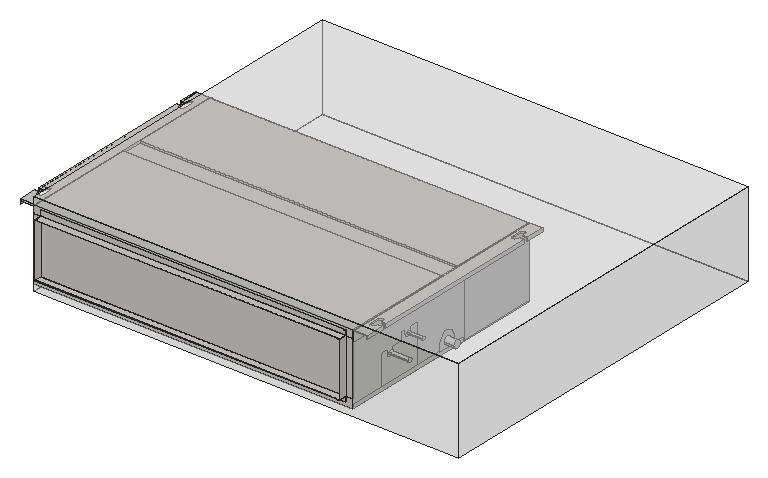
Revit family "outputfile", category 機械設備, Revit 2024
Family settings
  丸型コネクタ寸法 = 半径を使用
  パーツ タイプ = 標準
  OmniClass 番号 = 23.75.10.24.21.27.27
  OmniClass タイトル = Split System Air Conditioning Units
  作業面ベース = いいえ
  常に垂直 = はい
  ロード時にボイドで切り取り = いいえ
  注釈の向きを維持 = いいえ
  共有 = いいえ
  部屋計算ポイント = はい
Parameters (values of type "CDKS35CVMA")
  Description = ""
  書き出し IFC クラス(タイプ) = "IfcUnitaryEquipmentType"
  定義済み IFC タイプ(タイプ) = "AIRCONDITIONINGUNIT"
  Cost = 0
  Type Comments = ""
  Keynote = ""
  Type Image = (empty or 0)
  Assembly Code = ""
  switch_frequency = yes
  ld_powersupply = Depth / 2  # 310.0 mm
  製造元 = "Daikin"
  モデル = "CDKS35CVMA"
  r_Liquid Pipe Size = Liquid Pipe Size / 2  # 3.2 mm
  r_Gas Pipe Size = Gas Pipe Size / 2  # 4.75 mm
  r_Drain Pipe Size = Drain Pipe Size / 2  # 10.0 mm
  lw_powersupply = 50.0 mm  # constant formula
  lw_ductflange2 = 820.0 mm
  lw_Width = 860.0 mm
  lh_suctionflange [instance] = 100.0 mm  # constant formula
  ld_suctionflange [instance] = if(Rear Connection_Return Air, 190.0 mm, 100.0 mm)  # 190.0 mm
  connector_voltage = Voltage_50Hz  # 230 V
  connector_powerinput = [Power Input (Cooling)]  # 0.000 kW
  connector_phase = Phase_50Hz  # 1
  angle_vertical_RA [instance] = if(Rear Connection_Return Air, 90.00°, 0.00°)  # 90.00°
  angle horizontal_RA [instance] = if(Rear Connection_Return Air, 180.00°, 270.00°)  # 180.00°
  Voltage_comment_50Hz = "220 - 240"
  Voltage_50Hz = 230 V
  URL = ""
  Supply Air Direction [instance] = yes
  Sound Power Level_H speed (dB) = 0
  Rear Connection_Return Air [instance] = not(Bottom Connection_Return Air)  # yes
  RA_length [instance] = if(Rear Connection_Return Air, 190.0 mm, 100.0 mm)  # 190.0 mm
  Phase_50Hz = 1
  Minimum External Static Pressure = 0.00 Pa
  Minimum Circuit Amps_50Hz = 0.0 A
  Maximum Fuse Amps_50Hz = 0.0 A
  Maximum External Static Pressure = 40.00 Pa
  Material_Casing = DAIKIN_GalvanizedSteel_Casing_indoorunit
  lw_liquidpipe = 46.0 mm  # constant formula
  lw_gaspipe = 57.0 mm  # constant formula
  lw_mountinghole = 940.0 mm
  lw_drainpipe = 30.0 mm  # constant formula
  lh_powersupply = 150.0 mm  # constant formula
  lh_liquidpipe = 90.0 mm  # constant formula
  lh_gaspipe = 113.0 mm  # constant formula
  lh_mountinghole = Height  # 200.0 mm
  lh_drainpipe = 170.0 mm  # constant formula
  lh_antena = 1.0 mm  # constant formula
  ld_liquidpipe = 193.0 mm  # constant formula
  ld_gaspipe = 130.0 mm  # constant formula
  ld_mountinghole = 500.0 mm  # constant formula
  ld_drainpipe = 330.0 mm  # constant formula
  ld_controlbox = 626.0 mm  # constant formula
  h*** = 0.0 mm  # constant formula
  d_dischargeflange = 21.2 mm  # constant formula
  Width = 900.0 mm
  Version = "ver.1.0"
  Unit Type = "Duct (L.S.P)"
  Unit Mass Weight = 25.00 kg
  Unit Designation [instance] = ""
  Uniclass2015Version = "Products v1.30"
  Uniclass2015Title = "Split coil room air conditioning units"
  Uniclass2015Code = "Pr_70_65_03_86"
  Total Cooling Capacity [instance] = 0.000 kW
  Sound Pressure Level_M speed (dBA) = 33
  Sound Pressure Level_L speed (dBA) = 31
  Sound Pressure Level_H speed (dBA) = 35
  Series = "Multi Split_Fan Coil Unit"
  Sensible Cooling Capacity [instance] = 0.000 kW
  SA Duct Size Width = 860.0 mm
  SA Duct Size Height = 153.0 mm
  Refrigerant Type = "R410A"
  RA Duct Size Width = 780.0 mm
  RA Duct Size Height = 160.0 mm
  Power Input (Cooling) = 0.000 kW
  Option Accessory 3 [instance] = ""
  Option Accessory 2 [instance] = ""
  Option Accessory 1 [instance] = ""
  Nominal Cooling Capacity = 3.500 kW
  Minimum Airflow = 510.00 m³/h
  Median Airflow = 558.00 m³/h
  Maximum Airflow = 600.00 m³/h
  Load Classification = HVAC
  Liquid Pipe Size = 6.4 mm
  Link_Nested Family [instance] = ""
  IfcVersion = ""
  IfcExportType = "AIRCONDITIONINGUNIT"
  IfcExportAs = "IfcUnitaryEquipmentType"
  Height = 200.0 mm
  Heat Exchanger Type = "Cross Fin Coil"
  Gas Pipe Size = 9.5 mm
  Frequency_50Hz = 50 Hz
  Fan Type = "Sirocco Fan"
  Fan Drive = "Direct Drive"
  FCU Tag No. [instance] = ""
  Drain Pipe Size = 20.0 mm
  Design Supply Airflow [instance] = 0.00 m³/h
  Design Return Airflow [instance] = 0.00 m³/h
  Design External Static Pressure [instance] = 0.00 Pa
  Depth = 620.0 mm
  既定の高さ = 0.0 mm
  Cooling Entering Wet Bulb Temperature [instance] = 0.00 °C
  Cooling Entering Dry Bulb Temperature [instance] = 0.00 °C
  Cooling Ambient Wet Bulb Temperature [instance] = 0.00 °C
  Cooling Ambient Dry Bulb Temperature [instance] = 0.00 °C
  Clearance visibility [instance] = yes
  Clearance Top = 20.0 mm
  Clearance Right = 300.0 mm
  Clearance Rear = 400.0 mm
  Clearance Left = 0.0 mm
  Clearance Front = 0.0 mm
  Clearance Bottom = 20.0 mm
  Bottom Connection_Return Air [instance] = no
Reference planes
  plane 1 "Center (Front/Back)": y = 0
  plane 2: z = 0
  plane 3 "Center (Left/Right)": x = 0
  plane 4 "Back": y = 310
  plane 5 "Front": y = -310
  plane 6 "Left": x = -450
  plane 7 "Right": x = 450
  plane 8 "Top": z = 0
  plane 9 "Bottom": z = -200
  plane 10: x = -470
  plane 11: x = 470
  plane 12: y = 250
  plane 13: z = 0
  plane 14 "Clearance Left": x = -450
  plane 15 "Clearance Right": x = 750
  plane 16 "Clearance Rear": y = 710
  plane 17 "Clearance Front": y = -310
  plane 18 "Clearance Top": z = 20
  plane 19 "Clearance Bottom": z = -220
  plane 20: y = -250
  plane 21: z = -21
  plane 22: z = -97.5
  plane 23: x = -40
  plane 24: y = 120
  plane 25: z = -100
  plane 26: y = -180
  plane 27: z = -113
  plane 28: y = -117
  plane 29: z = -90
  plane 30: y = 20
  plane 31: z = -170
  plane 32: x = 507
  plane 33: x = 496
  plane 34: x = 480
  plane 35: x = 400
  plane 36: z = -150
Forms (mm)
  Extrusion 1, solid, material "DAIKIN_GalvanizedSteel_Casing_indoorunit" <- "Material_Casing"
    sketch origin (0, 0, 0) x (1, 0, 0) y (0, 1, 0)
      loop
        line (-450, -310) -> (450, -310) -> (450, 310) -> (-450, 310) -> (-450, -310)
    from -200 to 0
  Extrusion 2, void
    sketch origin (0, 0, 1) x (1, 0, 0) y (0, 1, 0)
      loop
        line (-450, 61.5) -> (-450, 3.5) -> (450, 3.5) -> (450, 61.5) -> (-450, 61.5)
    from -1 to -7
  Extrusion 3, solid, material "DAIKIN_GalvanizedSteel_Casing_indoorunit" <- "Material_Casing", visible <- "Bottom Connection_Return Air"
    sketch origin (0, 0, 0) x (1, 0, 0) y (0, 0, 1)
      loop
        line (369, -200) -> (369, -1) -> (-449, -1) -> (-449, -200) -> (369, -200)
    from -310 to -309
  Extrusion 4, solid, material "DAIKIN_GalvanizedSteel_Casing_indoorunit" <- "Material_Casing", visible <- "Rear Connection_Return Air"
    sketch origin (0, 0, 0) x (1, 0, 0) y (0, 1, 0)
      loop
        line (-449, 310) -> (-449, 111) -> (369, 111) -> (369, 310) -> (-449, 310)
    from -200 to -199
  Extrusion 5, solid, material "DAIKIN_GalvanizedSteel_Casing_indoorunit" <- "Material_Casing"
    sketch origin (450, 0, 0) x (0, 1, 0) y (0, 0, 1)
      loop
        circle (-180, -113) r 4.75
    from 0 to 57
  Extrusion 6, solid, material "DAIKIN_GalvanizedSteel_Casing_indoorunit" <- "Material_Casing"
    sketch origin (450, 0, 0) x (0, 1, 0) y (0, 0, 1)
      loop
        circle (-117, -90) r 3.2
    from 0 to 46
  Extrusion 7, solid, material "DAIKIN_GalvanizedSteel_Casing_indoorunit" <- "Material_Casing"
    sketch origin (450, 0, 0) x (0, 1, 0) y (0, 0, 1)
      loop
        circle (20, -170) r 10
    from 0 to 30
  Extrusion 8, solid, material "DAIKIN_GalvanizedSteel_Casing_indoorunit" <- "Material_Casing"
    sketch origin (450, 0, 0) x (0, 1, 0) y (0, 0, 1)
      loop
        line (-310, -200) -> (78.6, -200) -> (78.6, -193)
        arc (78.6, -193) -> (77.721, -190.879) -> (75.6, -190) r 3
        line (75.6, -190) -> (-310, -190) -> (-310, -200)
    from 0 to -1
  Extrusion 9, solid, material "DAIKIN_GalvanizedSteel_Casing_indoorunit" <- "Material_Casing"
    sketch origin (450, 0, 0) x (0, 1, 0) y (0, 0, 1)
      loop
        line (-210, -190) -> (-85.6, -190) -> (-85.6, -83)
        arc (-85.6, -83) -> (-86.479, -80.879) -> (-88.6, -80) r 3
        line (-88.6, -80) -> (-102, -80)
        arc (-102, -80) -> (-104.121, -80.879) -> (-105, -83) r 3
        line (-105, -83) -> (-105, -90)
        arc (-105, -90) -> (-117, -102) -> (-129, -90) r 12
        line (-129, -90) -> (-129, -83)
        arc (-129, -83) -> (-129.879, -80.879) -> (-132, -80) r 3
        line (-132, -80) -> (-136.1, -80)
        arc (-136.1, -80) -> (-138.221, -80.879) -> (-139.1, -83) r 3
        line (-139.1, -83) -> (-139.1, -102.7) -> (-165, -102.7)
        arc (-165, -102.7) -> (-167.121, -103.579) -> (-168, -105.7) r 3
        line (-168, -105.7) -> (-168, -113)
        arc (-168, -113) -> (-180, -125) -> (-192, -113) r 12
        line (-192, -113) -> (-192, -105.7)
        arc (-192, -105.7) -> (-192.879, -103.579) -> (-195, -102.7) r 3
        line (-195, -102.7) -> (-207, -102.7)
        arc (-207, -102.7) -> (-209.121, -103.579) -> (-210, -105.7) r 3
        line (-210, -105.7) -> (-210, -190)
    from 0 to -1
  Extrusion 10, solid, material "DAIKIN_GalvanizedSteel_Casing_indoorunit" <- "Material_Casing"
    sketch origin (450, 0, 0) x (0, 1, 0) y (0, 0, 1)
      loop
        arc (44.5, -170) -> (20, -145.5) -> (-4.5, -170) r 24.5
        line (-4.5, -170) -> (-4.5, -190) -> (44.5, -190) -> (44.5, -170)
    from 0 to -1
  Extrusion 11, solid, material "DAIKIN_GalvanizedSteel_Casing_indoorunit" <- "Material_Casing"
    sketch origin (450, 0, 0) x (0, 1, 0) y (0, 0, 1)
      loop
        arc (86.6, -22) -> (84.479, -22.879) -> (83.6, -25) r 3
        line (83.6, -25) -> (83.6, -194.5)
        arc (83.6, -194.5) -> (84.479, -196.621) -> (86.6, -197.5) r 3
        line (86.6, -197.5) -> (307, -197.5)
        arc (307, -197.5) -> (309.121, -196.621) -> (310, -194.5) r 3
        line (310, -194.5) -> (310, -25)
        arc (310, -25) -> (309.121, -22.879) -> (307, -22) r 3
        line (307, -22) -> (86.6, -22)
    from 0 to -1
Cuts and joins
  Extrusion 2 cuts Extrusion 1
Dimensions and locks
  "Height": plane 8 "Top" to plane 9 "Bottom"
  equal spacing: plane 10, plane 3 "Center (Left/Right)", plane 11
  "lw_mountinghole": plane 10 to plane 11
  equal spacing: plane 6 "Left", plane 3 "Center (Left/Right)", plane 7 "Right"
  "Width": plane 6 "Left" to plane 7 "Right"
  "Clearance Right": plane 7 "Right" to plane 15 "Clearance Right"
  "Clearance Left": plane 14 "Clearance Left" to plane 6 "Left"
  "Clearance Rear": plane 16 "Clearance Rear" to plane 4 "Back"
  "Clearance Front": plane 5 "Front" to plane 17 "Clearance Front"
  "Clearance Top": plane 18 "Clearance Top" to plane 8 "Top"
  "Clearance Bottom": plane 9 "Bottom" to plane 19 "Clearance Bottom"
  "Depth": plane 4 "Back" to plane 5 "Front"
  equal spacing: plane 4 "Back", plane 1 "Center (Front/Back)", plane 5 "Front"
  Extrusion 3 sketch curve to Extrusion 3 sketch curve = 199.0 mm
  locked: plane 20 to plane 5 "Front" at 60
  "ld_mountinghole": plane 12 to plane 20
  locked: plane 8 "Top" to plane 21 at 21
  locked: plane 23 to plane 3 "Center (Left/Right)" at 40
  "ld_suctionflange": plane 4 "Back" to plane 24
  "lh_suctionflange": plane 8 "Top" to plane 25
  "ld_gaspipe": plane 26 to plane 5 "Front"
  "lh_gaspipe": plane 8 "Top" to plane 27
  "ld_liquidpipe": plane 28 to plane 5 "Front"
  "lh_liquidpipe": plane 8 "Top" to plane 29
  "ld_drainpipe": plane 30 to plane 5 "Front"
  "lh_drainpipe": plane 8 "Top" to plane 31
  "lw_gaspipe": plane 7 "Right" to plane 32
  "lw_liquidpipe": plane 7 "Right" to plane 33
  "lw_drainpipe": plane 7 "Right" to plane 34
  "lw_powersupply": plane 35 to plane 7 "Right"
  "lh_powersupply": plane 8 "Top" to plane 36
  "r_Gas Pipe Size": radius of Extrusion 5 sketch curve
  "r_Liquid Pipe Size": radius of Extrusion 6 sketch curve
  "r_Drain Pipe Size": radius of Extrusion 7 sketch curve
  aligned and locked: level to plane 2
  aligned and locked: Extrusion 1 to plane 9 "Bottom"
  aligned and locked: plane 8 "Top" to Extrusion 1
  aligned and locked: plane 11 to nested 2
  aligned and locked: plane 10 to nested 3
  aligned and locked: plane 10 to nested 4
  aligned and locked: plane 8 "Top" to Extrusion 2
  aligned and locked: plane 9 "Bottom" to Extrusion 4  (x2)
  aligned and locked: plane 7 "Right" to cut or joined group of Extrusion 1, Extrusion 2  (x2)
  aligned and locked: plane 3 "Center (Left/Right)" to nested 9
  aligned and locked: plane 6 "Left" to nested 7
  aligned and locked: plane 8 "Top" to nested 9
  aligned and locked: plane 11 to nested 1
  aligned and locked: nested 6 to plane 1 "Center (Front/Back)"
  aligned and locked: plane 3 "Center (Left/Right)" to nested 6
  aligned and locked: level to plane 8 "Top"
  aligned and locked: plane 1 "Center (Front/Back)" to nested 9
  aligned and locked: plane 5 "Front" to nested 10
  aligned and locked: Extrusion 1 sketch curve to plane 5 "Front"
  aligned and locked: plane 21 to nested 10
  aligned and locked: nested 5 to plane 5 "Front"
  aligned and locked: plane 3 "Center (Left/Right)" to nested 5
  aligned and locked: plane 22 to nested 5
  aligned and locked: Extrusion 2 sketch curve to plane 6 "Left"
  aligned and locked: plane 7 "Right" to Extrusion 2 sketch curve
  aligned and locked: nested 11 to plane 23
  aligned and locked: nested 11 to plane 24
  aligned and locked: plane 27 to Extrusion 5 sketch curve
  aligned and locked: plane 26 to Extrusion 5 sketch curve
  aligned and locked: plane 28 to Extrusion 6 sketch curve
  aligned and locked: plane 29 to Extrusion 6 sketch curve
  aligned and locked: plane 31 to Extrusion 7 sketch curve
  aligned and locked: plane 30 to Extrusion 7 sketch curve
  aligned and locked: plane 26 to nested 12
  aligned and locked: nested 12 to plane 27
  aligned and locked: plane 32 to Extrusion 5
  aligned and locked: plane 32 to nested 12
  aligned and locked: plane 33 to Extrusion 6
  aligned and locked: plane 28 to nested 13
  aligned and locked: nested 13 to plane 29
  aligned and locked: plane 33 to nested 13
  aligned and locked: plane 34 to Extrusion 7
  aligned and locked: plane 30 to nested 14
  aligned and locked: nested 14 to plane 31
  aligned and locked: plane 34 to nested 14
  aligned and locked: Extrusion 8 sketch curve to plane 9 "Bottom"
  aligned and locked: Extrusion 8 sketch curve to plane 5 "Front"
  aligned and locked: plane 14 "Clearance Left" to nested 15
  aligned and locked: plane 15 "Clearance Right" to nested 15
  aligned and locked: plane 16 "Clearance Rear" to nested 15
  aligned and locked: nested 15 to plane 17 "Clearance Front"
  aligned and locked: nested 15 to plane 18 "Clearance Top"
  aligned and locked: nested 15 to plane 19 "Clearance Bottom"
  aligned and locked: nested 16 to plane 35
  aligned and locked: nested 16 to plane 36
  aligned and locked: plane 4 "Back" to nested 16
Automatic sketch dimensions
  Extrusion 1 sketch curve to plane 4 "Back" = 0.0 mm
  Extrusion 1 sketch curve to plane 6 "Left" = 0.0 mm
  Extrusion 1 sketch curve to plane 7 "Right" = 0.0 mm
  Extrusion 4 sketch curve to plane 4 "Back" = 0.0 mm
  plane 6 "Left" to Extrusion 3 sketch curve = 1.0 mm
  plane 6 "Left" to Extrusion 4 sketch curve = 1.0 mm
  Extrusion 4 sketch curve to plane 1 "Center (Front/Back)" = 111.0 mm
  Extrusion 3 sketch curve to plane 9 "Bottom" = 0.0 mm
  Extrusion 3 sketch curve to plane 7 "Right" = 81.0 mm
  Extrusion 4 sketch curve to plane 7 "Right" = 81.0 mm
  Extrusion 2 sketch curve to plane 1 "Center (Front/Back)" = 3.5 mm
  Extrusion 2 sketch curve to Extrusion 2 sketch curve = 58.0 mm
  plane 9 "Bottom" to Extrusion 8 sketch curve = 7.0 mm
  Extrusion 8 sketch curve to plane 24 = 44.4 mm
  Extrusion 8 sketch curve to Extrusion 8 sketch curve = 3.0 mm
  Extrusion 9 sketch curve to plane 27 = 0.0 mm
  Extrusion 9 sketch curve to plane 26 = 0.0 mm
  Extrusion 9 sketch curve to plane 29 = 0.0 mm
  Extrusion 9 sketch curve to plane 28 = 0.0 mm
  Extrusion 9 sketch curve to plane 26 = 12.0 mm
  Extrusion 9 sketch curve to plane 25 = 2.7 mm  (x2)
  Extrusion 9 sketch curve to Extrusion 9 sketch curve = 3.0 mm  (x6)
  Extrusion 9 sketch curve to Extrusion 9 sketch curve = 12.0 mm
  plane 9 "Bottom" to Extrusion 9 sketch curve = 10.0 mm
  Extrusion 9 sketch curve to plane 26 = 30.0 mm
  Extrusion 9 sketch curve to plane 28 = 22.1 mm
  Extrusion 9 sketch curve to Extrusion 9 sketch curve = 4.1 mm
  plane 29 to Extrusion 9 sketch curve = 7.0 mm  (x2)
  Extrusion 9 sketch curve to Extrusion 9 sketch curve = 13.4 mm
  Extrusion 10 sketch curve to plane 30 = 0.0 mm
  Extrusion 10 sketch curve to plane 31 = 0.0 mm
  plane 1 "Center (Front/Back)" to Extrusion 10 sketch curve = 4.5 mm
  plane 9 "Bottom" to Extrusion 10 sketch curve = 10.0 mm
  Extrusion 11 sketch curve to plane 4 "Back" = 0.0 mm
  Extrusion 11 sketch curve to Extrusion 11 sketch curve = 3.0 mm  (x3)
  Extrusion 11 sketch curve to plane 21 = 1.0 mm
  Extrusion 11 sketch curve to plane 21 = 4.0 mm
  Extrusion 11 sketch curve to plane 24 = 33.4 mm
  plane 9 "Bottom" to Extrusion 11 sketch curve = 5.5 mm
Nested families
  nested 1: "daikin_mountinghole" at (470, 250, -200), l_antenna <- "lh_antena", Link_Nested Family <- "Link_Nested Family", h_mountinghole <- "lh_mountinghole", type "daikin_mountinghole"
    with show yes, l_antenna 1.0 mm, h_mountinghole 200.0 mm, Link_Nested Family ""
  nested 2: "daikin_mountinghole" at (470, -250, -200), Link_Nested Family <- "Link_Nested Family", l_antenna <- "lh_antena", h_mountinghole <- "lh_mountinghole", type "daikin_mountinghole"
    with show yes, l_antenna 1.0 mm, h_mountinghole 200.0 mm, Link_Nested Family ""
  nested 3: "daikin_mountinghole" at (-470, -250, -200), l_antenna <- "lh_antena", Link_Nested Family <- "Link_Nested Family", h_mountinghole <- "lh_mountinghole", type "daikin_mountinghole"
    with show yes, l_antenna 1.0 mm, h_mountinghole 200.0 mm, Link_Nested Family ""
  nested 4: "daikin_mountinghole" at (-470, 250, -200), l_antenna <- "lh_antena", Link_Nested Family <- "Link_Nested Family", h_mountinghole <- "lh_mountinghole", type "daikin_mountinghole"
    with show yes, l_antenna 1.0 mm, h_mountinghole 200.0 mm, Link_Nested Family ""
  nested 5: "daikin_connector_rotate2" at (0, -310, -97.5), length <- "d_dischargeflange", type "daikin_connector_rotate2"
    with radius 10.0 mm, length 21.2 mm, angle_vertical 90.00°, show_face no
  nested 6: "daikin_△_symbolicline" at (-75, -129.904, 200) x (-0.5, 0.866, 0) z (0, 0, 1), built-in parameter 1001364 <- "Height", visible <- "Supply Air Direction", type "daikin_△_symbolicline"
    with length 300.0 mm
  nested 7: "daikin_ductflange_CDKS-CVMA1" at (-40, 310, -100), visible <- "Rear Connection_Return Air", material <- "Material_Casing", width <- "lw_ductflange2", type "daikin_ductflange_CDKS-CVMA1"
    with width 820.0 mm, material DAIKIN_GalvanizedSteel_Casing_indoorunit, height 180.0 mm, depth 21.2 mm
  nested 8: "daikin_ductflange_CDKS-CVMA1" at (-40, 210, -200) x (1, 0, 0) z (0, 1, 0), visible <- "Bottom Connection_Return Air", material <- "Material_Casing", width <- "lw_ductflange2", type "daikin_ductflange_CDKS-CVMA1"
    with width 820.0 mm, material DAIKIN_GalvanizedSteel_Casing_indoorunit, height 180.0 mm, depth 21.2 mm
  nested 9: "daikin_hangerfixture_CDKS-CVMA" at (0, 0, 0), type "daikin_hangerfixture_CDKS-CVMA"
    with width 900.0 mm
  nested 10: "daikin_ductflange_CDKS-CVMA" at (0, 3.5, -364.201), width <- "lw_Width", material <- "Material_Casing", type "daikin_ductflange_CDKS-CVMA"
    with width 860.0 mm, material DAIKIN_GalvanizedSteel_Casing_indoorunit, height 155.0 mm, depth 21.2 mm
  nested 11: "daikin_connector_rotate3" at (-40, 120, -100), length <- "RA_length", angle_vertical <- "angle_vertical_RA", angle_horizontal <- "angle horizontal_RA", type "daikin_connector_rotate3"
    with show no, radius 10.0 mm, length 190.0 mm, angle_vertical 90.00°, angle_horizontal 180.00°
  nested 12: "daikin_connector_rotate2" at (450, -180, -113) x (0, 1, 0) z (0, 0, 1), length <- "lw_gaspipe", radius <- "r_Gas Pipe Size", type "daikin_connector_rotate2"
    with radius 4.75 mm, length 57.0 mm, angle_vertical 90.00°, show_face no
  nested 13: "daikin_connector_rotate2" at (450, -117, -90) x (0, 1, 0) z (0, 0, 1), radius <- "r_Liquid Pipe Size", length <- "lw_liquidpipe", type "daikin_connector_rotate2"
    with radius 3.2 mm, length 46.0 mm, angle_vertical 90.00°, show_face no
  nested 14: "daikin_connector_rotate2" at (450, 20, -170) x (0, 1, 0) z (0, 0, 1), radius <- "r_Drain Pipe Size", length <- "lw_drainpipe", type "daikin_connector_rotate2"
    with radius 10.0 mm, length 30.0 mm, angle_vertical 90.00°, show_face no
  nested 15: "daikin_clearancespace" at (150, 200, -99.881), visible <- "Clearance visibility", Link_Nested Family <- "Link_Nested Family", show <- "Clearance visibility", type "daikin_clearancespace"
    with width 1200.0 mm, show yes, height 240.0 mm, depth 1020.0 mm, Link_Nested Family ""
  nested 16: "daikin_connector_rotate2" at (400, 0, -150) x (-1, 0, 0) z (0, 0, 1), length <- "ld_powersupply", type "daikin_connector_rotate2"
    with radius 10.0 mm, length 310.0 mm, angle_vertical 90.00°, show_face no
Connectors
  hvac at (0, -331.2, -97.5), driven by "SA Duct Size Height", driven by "SA Duct Size Width"
    settings: on nested 5, index 1, duct flow 0.00 m³/h, flow factor 0, pres drop 0.00 Pa, loss coef 0, conn angle 0.00°, conn width 860.0 mm, conn height 153.0 mm, conn diameter 609.6 mm, duct sys type 1, conn prof type 1, flow config 0, flow direction 2, loss method 4, conn ref index -1, conn util no, is conn primary yes, conn desc "SA Duct"
  hvac at (-40, 310, -100), driven by "RA Duct Size Height", driven by "RA Duct Size Width"
    settings: on nested 11, index 2, duct flow 0.00 m³/h, flow factor 0, pres drop 0.00 Pa, loss coef 0, conn angle 0.00°, conn width 780.0 mm, conn height 160.0 mm, conn diameter 609.6 mm, duct sys type 2, conn prof type 1, flow config 0, flow direction 1, loss method 4, conn ref index -1, conn util no, is conn primary no, conn desc "RA Duct"
  piping at (507, -180, -113), diameter 9.5, driven by "r_Gas Pipe Size"
    settings: on nested 12, index 3, connector inside diameter 609.6 mm, connector length 0.0 mm, flow factor 0, pipe flow 0.00 m³/h, pressure drop 0.0 Pa, fitting loss kfactor 0, connector angle 0.00°, fixture units 0, engagement length 0.0 mm, angle of deflection 0.00°, flow configuration 1, flow direction 2, fitting loss method 0, system type 29, joint type 0, gender type 0, connector reference index -1, connector utility 0, adjustable connector no, is connector primary yes, connector description "Refrigerant Gas Piping"
  piping at (496, -117, -90), diameter 6.4, driven by "r_Liquid Pipe Size"
    settings: on nested 13, index 4, connector inside diameter 609.6 mm, connector length 0.0 mm, flow factor 0, pipe flow 0.00 m³/h, pressure drop 0.0 Pa, fitting loss kfactor 0, connector angle 0.00°, fixture units 0, engagement length 0.0 mm, angle of deflection 0.00°, flow configuration 1, flow direction 1, fitting loss method 0, system type 29, joint type 0, gender type 0, connector reference index -1, connector utility 0, adjustable connector no, is connector primary no, connector description "Refrigerant Liquid Piping"
  piping at (480, 20, -170), diameter 20, driven by "r_Drain Pipe Size"
    settings: on nested 14, index 5, connector inside diameter 609.6 mm, connector length 0.0 mm, flow factor 0, pipe flow 0.00 m³/h, pressure drop 0.0 Pa, fitting loss kfactor 0, connector angle 0.00°, fixture units 0, engagement length 0.0 mm, angle of deflection 0.00°, flow configuration 1, flow direction 2, fitting loss method 4, system type 16, joint type 0, gender type 0, connector reference index -1, connector utility 0, adjustable connector no, is connector primary no, connector description "Condensate Drain Piping"
  electrical at (400, 310, -150), driven by "Load Classification", driven by "connector_powerinput", driven by "connector_phase", driven by "connector_voltage"
    settings: on nested 16, index 6, voltage 230 V, apparent load 0 VA, apparent load phase1 0 VA, apparent load phase2 0 VA, apparent load phase3 0 VA, power factor 1, load classification "HVAC", number of poles 1, system type 30, power factor state 1, is connector primary yes, connector utility no, sub classification motor no, connector description "Power Supply"
Definition of nested family "daikin_ductflange_CDKS-CVMA1"
  Parameters (values of type "daikin_ductflange_CDKS-CVMA1")
    width [instance] = 620.0 mm
    material [instance] = none
    height [instance] = 180.0 mm
    depth [instance] = 21.2 mm
    Default Elevation = 0.0 mm
  Reference planes
    plane 1 "Center (Front/Back)": y = 0
    plane 2: z = 0
    plane 3 "Center (Left/Right)": x = 0
    plane 4: x = -310
    plane 5: x = 310
    plane 6: z = 90
    plane 7: z = -90
    plane 8: z = 100
    plane 9: z = -100
    plane 10: x = -309
    plane 11: x = 309
  Forms (mm)
    Extrusion 1, solid, material <- "material"
      sketch origin (0, 0, 0) x (1, 0, 0) y (0, 0, 1)
        loop
          line (-290, 80) -> (-290, -80) -> (290, -80) -> (290, 80) -> (-290, 80)
        loop
          line (-309, -99) -> (309, -99) -> (309, 99) -> (-309, 99) -> (-309, -99)
      from 0 to 1
  Dimensions and locks
    equal spacing: plane 5, plane 3 "Center (Left/Right)", plane 4, locked at 310 each
    "width": plane 5 to plane 4
    equal spacing: plane 6, level, plane 7, locked at 90 each
    "height": plane 6 to plane 7
    equal spacing: plane 8, level, plane 9, locked at 100 each
    locked: plane 8 to plane 9 at 200
    plane 10 to plane 4 = 1.0 mm
    locked: plane 5 to plane 11 at 1
    locked: Extrusion 1 sketch curve to Extrusion 1 sketch curve at 19  (x4)
    locked: plane 8 to Extrusion 1 sketch curve at 1
    locked: Extrusion 1 sketch curve to plane 9 at 1
    aligned and locked: level to plane 2
  Automatic sketch dimensions
    plane 4 to Extrusion 1 sketch curve = 1.0 mm
    Extrusion 1 sketch curve to plane 5 = 1.0 mm
Definition of nested family "daikin_hangerfixture_CDKS-CVMA"
  Parameters (values of type "daikin_hangerfixture_CDKS-EAVMA")
    width = 700.0 mm
    material = none
    height = 30.0 mm
    depth = 618.0 mm
    Default Elevation = 0.0 mm
  Reference planes
    plane 1 "Center (Front/Back)": y = 0
    plane 2: z = 0
    plane 3 "Center (Left/Right)": x = 0
    plane 4: x = 350
    plane 5: y = 309
    plane 6: y = -309
    plane 7: x = -350
    plane 8: z = -30
  Forms (mm)
    Extrusion 1, solid, material <- "material"
      sketch origin (0, 0, 0) x (1, 0, 0) y (0, 0, 1)
        loop
          line (350, 0) -> (350, -30) -> (352.3, -30) -> (352.3, -2.3) -> (387.7, -2.3) -> (387.7, -10) -> (390, -10) -> (390, 0) -> (350, 0)
      from -309 to 309
    Extrusion 2, void
      sketch origin (0, 0, 0) x (0, 1, 0) y (0, 0, 1)
        loop
          line (309, -30) -> (309, -17.979) -> (87.935, -17.979) -> (75.914, -30) -> (309, -30)
      from 0 to 450
    Extrusion 3, void
      sketch origin (0, 0, 0) x (1, 0, 0) y (0, 1, 0)
        loop
          line (390, -243.5) -> (377, -243.5) -> (377, -237)
          arc (377, -237) -> (370, -230) -> (363, -237) r 7
          line (363, -237) -> (363, -263)
          arc (363, -263) -> (370, -270) -> (377, -263) r 7
          line (377, -263) -> (377, -256.5) -> (390, -256.5) -> (390, -243.5)
        loop
          line (390, 243.5) -> (390, 256.5) -> (377, 256.5) -> (377, 263)
          arc (377, 263) -> (370, 270) -> (363, 263) r 7
          line (363, 263) -> (363, 237)
          arc (363, 237) -> (370, 230) -> (377, 237) r 7
          line (377, 237) -> (377, 243.5) -> (390, 243.5)
      from -254.96 to 618
    Extrusion 4, solid, material <- "material"
      sketch origin (0, 0, 0) x (-1, 0, 0) y (0, 0, -1)
        loop
          line (350, 0) -> (390, 0) -> (390, 10) -> (387.7, 10) -> (387.7, 2.3) -> (352.3, 2.3) -> (352.3, 30) -> (350, 30) -> (350, 0)
      from -309 to 309
    Extrusion 5, void
      sketch origin (0, 0, 0) x (-1, 0, 0) y (0, -1, 0)
        loop
          line (390, 243.5) -> (390, 256.5) -> (377, 256.5) -> (377, 263)
          arc (377, 263) -> (370, 270) -> (363, 263) r 7
          line (363, 263) -> (363, 237)
          arc (363, 237) -> (370, 230) -> (377, 237) r 7
          line (377, 237) -> (377, 243.5) -> (390, 243.5)
        loop
          line (390, -243.5) -> (377, -243.5) -> (377, -237)
          arc (377, -237) -> (370, -230) -> (363, -237) r 7
          line (363, -237) -> (363, -263)
          arc (363, -263) -> (370, -270) -> (377, -263) r 7
          line (377, -263) -> (377, -256.5) -> (390, -256.5) -> (390, -243.5)
      from -254.96 to 618
  Cuts and joins
    Extrusion 2, Extrusion 3, Extrusion 5 cuts Extrusion 1
    Extrusion 5 cuts Extrusion 4
  Dimensions and locks
    equal spacing: plane 5, plane 1 "Center (Front/Back)", plane 6
    "depth": plane 5 to plane 6
    plane 6 to plane 1 "Center (Front/Back)" to plane 5 = 309.0 mm, 309.0 mm
    equal spacing: plane 4, plane 3 "Center (Left/Right)", plane 7
    "width": plane 4 to plane 7
    "height": level to plane 8
    aligned and locked: level to plane 2
    aligned and locked: plane 5 to Extrusion 1
    aligned and locked: Extrusion 1 to plane 6
    aligned and locked: Extrusion 1 to plane 4
    aligned and locked: plane 5 to cut or joined group of Extrusion 1, Extrusion 2, Extrusion 3, Extrusion 5
    aligned and locked: cut or joined group of Extrusion 1, Extrusion 2, Extrusion 3, Extrusion 5 to plane 6
    aligned and locked: level to cut or joined group of Extrusion 1, Extrusion 2, Extrusion 3, Extrusion 5
    aligned and locked: cut or joined group of Extrusion 1, Extrusion 2, Extrusion 3, Extrusion 5 to plane 8
    aligned and locked: plane 5 to cut or joined group of Extrusion 4, Extrusion 5
    aligned and locked: cut or joined group of Extrusion 4, Extrusion 5 to plane 6
  Automatic sketch dimensions
    Extrusion 1 sketch curve to plane 4 = 0.0 mm
    Extrusion 1 sketch curve to plane 8 = 0.0 mm
    Extrusion 1 sketch curve to level = 0.0 mm
    plane 4 to Extrusion 1 sketch curve = 2.3 mm
    Extrusion 1 sketch curve to level = 2.3 mm
    Extrusion 1 sketch curve to Extrusion 1 sketch curve = 35.4 mm
    Extrusion 1 sketch curve to Extrusion 1 sketch curve = 2.3 mm
    Extrusion 1 sketch curve to Extrusion 1 sketch curve = 7.7 mm
    Extrusion 2 sketch curve to plane 8 = 0.0 mm
    Extrusion 2 sketch curve to plane 5 = 0.0 mm
    plane 8 to Extrusion 2 sketch curve = 12.021 mm
    Extrusion 2 sketch curve to plane 1 "Center (Front/Back)" = 87.935 mm
    Extrusion 2 sketch curve to Extrusion 2 sketch curve = 12.021 mm
    plane 4 to Extrusion 3 sketch curve = 13.0 mm  (x2)
    Extrusion 3 sketch curve to Extrusion 3 sketch curve = 7.0 mm  (x4)
    Extrusion 3 sketch curve to Extrusion 3 sketch curve = 13.0 mm  (x4)
    plane 6 to Extrusion 3 sketch curve = 46.0 mm
    Extrusion 3 sketch curve to Extrusion 3 sketch curve = 6.5 mm  (x4)
    Extrusion 3 sketch curve to plane 5 = 72.0 mm
    Extrusion 4 sketch curve to plane 7 = 0.0 mm
    Extrusion 4 sketch curve to plane 8 = 0.0 mm
    Extrusion 4 sketch curve to level = 0.0 mm
    Extrusion 4 sketch curve to plane 7 = 2.3 mm
    Extrusion 4 sketch curve to level = 2.3 mm
    Extrusion 4 sketch curve to Extrusion 4 sketch curve = 35.4 mm
    Extrusion 4 sketch curve to Extrusion 4 sketch curve = 2.3 mm
    Extrusion 4 sketch curve to Extrusion 4 sketch curve = 7.7 mm
    Extrusion 5 sketch curve to plane 7 = 13.0 mm  (x2)
    Extrusion 5 sketch curve to Extrusion 5 sketch curve = 7.0 mm  (x4)
    Extrusion 5 sketch curve to Extrusion 5 sketch curve = 13.0 mm  (x4)
    Extrusion 5 sketch curve to plane 5 = 46.0 mm
    Extrusion 5 sketch curve to Extrusion 5 sketch curve = 6.5 mm  (x4)
    plane 6 to Extrusion 5 sketch curve = 72.0 mm
Definition of nested family "daikin_ductflange_CDKS-CVMA"
  Parameters (values of type "daikin_ductflange_FXDQ-NDVET")
    width [instance] = 660.0 mm
    material [instance] = none
    height [instance] = 155.0 mm
    depth [instance] = 21.2 mm
    Default Elevation = 0.0 mm
  Reference planes
    plane 1 "Center (Front/Back)": y = 0
    plane 2: z = 189.201
    plane 3 "Center (Left/Right)": x = 0
    plane 4: y = -313.5
    plane 5: x = -330
    plane 6: x = 330
    plane 7: y = -334.7
    plane 8: z = 344.201
    plane 9: z = 266.701
    plane 10: z = 343.201
    plane 11: z = 190.201
  Forms (mm)
    Extrusion 1, solid, material <- "material"
      sketch origin (0, 0, 189.201) x (1, 0, 0) y (0, 1, 0)
        loop
          line (-330, -334.7) -> (-330, -313.5) -> (-350, -313.5) -> (-350, -314.5) -> (-331, -314.5) -> (-331, -334.7) -> (-330, -334.7)
        loop
          line (330, -334.7) -> (331, -334.7) -> (331, -314.5) -> (350, -314.5) -> (350, -313.5) -> (330, -313.5) -> (330, -334.7)
      from 1 to 154
    Extrusion 2, solid, material <- "material"
      sketch origin (0, 0, 0) x (0, 1, 0) y (0, 0, 1)
        loop
          line (-313.5, 343.201) -> (-313.5, 358.201) -> (-314.5, 358.201) -> (-314.5, 344.201) -> (-334.7, 344.201) -> (-334.7, 343.201) -> (-313.5, 343.201)
        loop
          line (-313.5, 190.201) -> (-334.7, 190.201) -> (-334.7, 189.201) -> (-314.5, 189.201) -> (-314.5, 175.201) -> (-313.5, 175.201) -> (-313.5, 190.201)
      from -330 to 330
  Dimensions and locks
    plane 4 to plane 1 "Center (Front/Back)" = 313.5 mm
    "depth": plane 7 to plane 4
    equal spacing: plane 8, plane 9, level
    "height": plane 8 to level
    equal spacing: plane 6, plane 3 "Center (Left/Right)", plane 5
    "width": plane 6 to plane 5
    locked: plane 8 to plane 10 at 1
    locked: plane 11 to level at 1
    locked: Extrusion 1 to Extrusion 2 sketch curve at 1
    locked: Extrusion 2 sketch curve to Extrusion 1 at 1
    plane 10 to plane 11 = 153.0 mm
    aligned and locked: level to plane 2
    aligned and locked: Extrusion 2 to plane 5
    aligned and locked: Extrusion 2 to plane 11
    aligned and locked: Extrusion 2 to plane 10
    aligned and locked: plane 6 to Extrusion 2
    aligned and locked: plane 5 to Extrusion 2  (x2)
    aligned and locked: plane 5 to Extrusion 1  (x2)
    aligned and locked: Extrusion 1 to plane 6
    aligned and locked: plane 6 to Extrusion 1
    aligned and locked: Extrusion 1 to plane 10
  Automatic sketch dimensions
    Extrusion 2 sketch curve to plane 7 = 0.0 mm  (x2)
    Extrusion 2 sketch curve to plane 4 = 0.0 mm  (x2)
    Extrusion 2 sketch curve to plane 11 = 0.0 mm
    Extrusion 2 sketch curve to plane 10 = 0.0 mm
    Extrusion 2 sketch curve to plane 4 = 1.0 mm  (x2)
    Extrusion 2 sketch curve to level = 14.0 mm
    plane 8 to Extrusion 2 sketch curve = 14.0 mm
    Extrusion 1 sketch curve to plane 4 = 0.0 mm  (x2)
    Extrusion 1 sketch curve to plane 7 = 0.0 mm  (x2)
    Extrusion 1 sketch curve to plane 5 = 0.0 mm
    Extrusion 1 sketch curve to plane 6 = 0.0 mm
    Extrusion 1 sketch curve to plane 5 = 1.0 mm
    Extrusion 1 sketch curve to Extrusion 1 sketch curve = 19.0 mm  (x2)
    Extrusion 1 sketch curve to Extrusion 1 sketch curve = 1.0 mm
    Extrusion 1 sketch curve to plane 4 = 1.0 mm  (x2)
Definition of nested family "daikin_clearancespace"
  Parameters (values of type "daikin_clearancespace")
    Description = "daikin_clearancespace"
    width [instance] = 1823.963 mm
    show [instance] = yes
    material = none
    height [instance] = 1359.762 mm
    depth [instance] = 880.0 mm
    Default Elevation = 0.0 mm
    Link_Nested Family [instance] = ""
  Reference planes
    plane 1 "Center (Front/Back)": y = 0
    plane 2 "Center (Elevation)": z = -0.119
    plane 3 "Center (Left/Right)": x = 0
    plane 4: y = 440
    plane 5: y = -440
    plane 6 "Right": x = 911.982
    plane 7 "Left": x = -911.982
    plane 8 "Top": z = 679.762
    plane 9 "Bottom": z = -680
  Forms (mm)
    Extrusion 1, solid, material <- "material", visible <- "show"
      sketch origin (0, 0, 0) x (1, 0, 0) y (0, 1, 0)
        loop
          line (-911.982, 440) -> (-911.982, -440) -> (911.982, -440) -> (911.982, 440) -> (-911.982, 440)
      from -680 to 679.762
  Lines and regions (mm)
    symbolic lines, visible <- "show"
      curve 1: line (911.982, 440, 0) -> (-911.982, 440, 0)
      curve 2: line (-911.982, 440, 0) -> (-911.982, -440, 0)
      curve 3: line (-911.982, -440, 0) -> (911.982, -440, 0)
      curve 4: line (911.982, -440, 0) -> (911.982, 440, 0)
      curve 5: line (911.982, 0, 679.762) -> (-911.982, 0, 679.762)
      curve 6: line (911.982, 0, -680) -> (911.982, 0, 679.762)
      curve 7: line (-911.982, 0, -680) -> (911.982, 0, -680)
      curve 8: line (-911.982, 0, 679.762) -> (-911.982, 0, -680)
      curve 9: line (0, 440, 679.762) -> (0, -440, 679.762)
      curve 10: line (0, -440, 679.762) -> (0, -440, -680)
      curve 11: line (0, 440, -680) -> (0, 440, 679.762)
      curve 12: line (0, -440, -680) -> (0, 440, -680)
  Dimensions and locks
    "width": plane 7 "Left" to plane 6 "Right"
    "depth": plane 4 to plane 5
    "height": plane 8 "Top" to plane 9 "Bottom"
    equal spacing: plane 7 "Left", plane 3 "Center (Left/Right)", plane 6 "Right"
    equal spacing: plane 4, plane 1 "Center (Front/Back)", plane 5
    equal spacing: plane 8 "Top", plane 2 "Center (Elevation)", plane 9 "Bottom"
    aligned and locked: level to plane 2 "Center (Elevation)"
    aligned and locked: Extrusion 1 sketch curve to plane 4
    aligned and locked: plane 7 "Left" to Extrusion 1 sketch curve
    aligned and locked: Extrusion 1 sketch curve to plane 5
    aligned and locked: Extrusion 1 sketch curve to plane 6 "Right"
    aligned and locked: plane 8 "Top" to Extrusion 1
    aligned and locked: curve 1 to Extrusion 1
    aligned and locked: curve 2 to Extrusion 1
    aligned and locked: curve 3 to Extrusion 1
    aligned and locked: curve 4 to Extrusion 1
    aligned and locked: curve 5 to Extrusion 1
    aligned and locked: curve 6 to Extrusion 1
    aligned and locked: curve 7 to Extrusion 1
    aligned and locked: curve 8 to Extrusion 1
    aligned and locked: curve 9 to Extrusion 1
    aligned and locked: curve 10 to Extrusion 1
    aligned and locked: curve 11 to Extrusion 1
    aligned and locked: curve 12 to Extrusion 1
    aligned and locked: Extrusion 1 to plane 9 "Bottom"
Definition of nested family "daikin_mountinghole"
  Parameters (values of type "daikin_mountinghole")
    Default Elevation = 1219.2 mm
    Type Comments = "mountinghole"
    show [instance] = yes
    material = none
    l_centerline = 100.0 mm
    l_antenna [instance] = 100.0 mm
    h_mountinghole [instance] = 0.0 mm
    d_circle = 30.0 mm
    Link_Nested Family [instance] = ""
  Reference planes
    plane 1 "Center (Front/Back)": y = 0
    plane 2: z = 0
    plane 3 "Center (Left/Right)": x = 0
    plane 4: y = 50
    plane 5: x = -50
    plane 6: x = 50
    plane 7: y = -50
    plane 8 "h_mountinghole": z = 0
    plane 9: z = 100
  Lines and regions (mm)
    model lines, detail levels fine
      curve 1: circle (0, 0, 0) r 15 normal (0, 0, 1)
      curve 2: line (-50, 0, 0) -> (50, 0, 0)
      curve 3: line (0, 50, 0) -> (0, -50, 0)
    symbolic lines, detail levels fine
      curve 4: circle (0, 0, 0) r 15 normal (0, 0, 1)
      curve 5: line (-50, 0, 0) -> (50, 0, 0)
      curve 6: line (0, 50, 0) -> (0, -50, 0)
    model lines
      curve 7: line (0, 0, 100) -> (0, 0, 0)
  Dimensions and locks
    equal spacing: plane 4, plane 1 "Center (Front/Back)", plane 7
    "l_centerline": plane 4 to plane 7
    equal spacing: plane 5, plane 3 "Center (Left/Right)", plane 6
    "l_centerline": plane 5 to plane 6
    "l_antenna": plane 9 to plane 8 "h_mountinghole"
    "h_mountinghole": plane 8 "h_mountinghole" to plane 2
    "d_circle": diameter of curve 1
    "d_circle": diameter of curve 4
    aligned and locked: level to plane 2
    aligned and locked: plane 1 "Center (Front/Back)" to curve 1
    aligned and locked: plane 3 "Center (Left/Right)" to curve 1
    aligned and locked: plane 1 "Center (Front/Back)" to curve 2
    aligned and locked: curve 3 to plane 3 "Center (Left/Right)"
    aligned and locked: plane 6 to curve 2
    aligned and locked: plane 5 to curve 2
    aligned and locked: plane 4 to curve 3
    aligned and locked: plane 7 to curve 3
    aligned and locked: plane 1 "Center (Front/Back)" to curve 4
    aligned and locked: plane 3 "Center (Left/Right)" to curve 4
    aligned and locked: plane 6 to curve 5
    aligned and locked: plane 5 to curve 5
    aligned and locked: plane 1 "Center (Front/Back)" to curve 5
    aligned and locked: plane 4 to curve 6
    aligned and locked: plane 7 to curve 6
    aligned and locked: curve 6 to plane 3 "Center (Left/Right)"
    aligned and locked: curve 7 to plane 3 "Center (Left/Right)"
    aligned and locked: plane 9 to curve 7
    aligned and locked: plane 8 "h_mountinghole" to curve 7
Definition of nested family "daikin_connector_rotate2"
  Parameters (values of type "daikin_connector_rotate2")
    show_face = yes
    radius [instance] = 10.0 mm
    length [instance] = 600.0 mm
    d_surface = 10.0 mm
    angle_vertical [instance] = 90.00°
    Default Elevation = 0.0 mm
  Reference planes
    plane 1 "Center (Front/Back)": y = 0
    plane 2: z = 0
    plane 3 "Center (Left/Right)": x = 0
  Forms (mm)
    Extrusion 1, solid, visible <- "show_face"
      sketch origin (0, -600, 0) x (1, 0, 0) y (0, 0, 1)
        loop
          circle (0, 0) r 10
      from 0 to -10
  Lines and regions (mm)
    reference lines
      curve 1: line (0, 0, 0) -> (0, -600, 0)
    symbolic lines
      curve 2: circle (0, 0, 0) r 5 normal (0, 0, 1)
    model lines, visible <- "show_face"
      curve 3: line (0, 0, 0) -> (0, -600, 0)
  Dimensions and locks
    "length": curve 1 to curve 1
    "length": curve 3 to curve 3
    "d_surface": Extrusion 1 to Extrusion 1
    "radius": radius of Extrusion 1 sketch curve
    "angle_vertical": angle curve 1 to plane 1 "Center (Front/Back)"
    "angle_vertical": angle curve 3 to plane 1 "Center (Front/Back)"
    aligned and locked: level to plane 2
    aligned and locked: plane 1 "Center (Front/Back)" to curve 1
    aligned and locked: plane 2 to curve 1
    aligned and locked: plane 1 "Center (Front/Back)" to curve 2
    aligned and locked: plane 3 "Center (Left/Right)" to curve 2
    aligned and locked: plane 1 "Center (Front/Back)" to curve 3
    aligned and locked: plane 2 to curve 3
    aligned and locked: Extrusion 1 to Extrusion 1
  Automatic sketch dimensions
    Extrusion 1 sketch curve to level = 0.0 mm
    Extrusion 1 sketch curve to plane 3 "Center (Left/Right)" = 0.0 mm
    radius of curve 2 = 5.0 mm
Definition of nested family "daikin_△_symbolicline"
  Parameters (values of type "daikin_△_symbolicline")
    length [instance] = 500.0 mm
    Default Elevation = 0.0 mm
  Reference planes
    plane 1 "Center (Front/Back)": y = 0
    plane 2: z = 0
    plane 3 "Center (Left/Right)": x = 0
  Lines and regions (mm)
    symbolic lines
      curve 1: line (0, -433.013, 0) -> (250, 0, 0)
      curve 2: line (250, 0, 0) -> (-250, 0, 0)
      curve 3: line (-250, 0, 0) -> (0, -433.013, 0)
  Dimensions and locks
    equal spacing: curve 3, plane 3 "Center (Left/Right)", curve 2
    "length": curve 3 to curve 2
    "length": curve 3 to curve 3
    "length": curve 1 to curve 1
    aligned and locked: level to plane 2
    aligned and locked: curve 2 to plane 1 "Center (Front/Back)"
    aligned and locked: plane 3 "Center (Left/Right)" to curve 3
Definition of nested family "daikin_connector_rotate3"
  Parameters (values of type "daikin_connector_rotate3")
    Default Elevation = 1219.2 mm
    show [instance] = yes
    radius [instance] = 10.0 mm
    length [instance] = 600.0 mm
    angle_horizontal [instance] = 60.00°
    angle_vertical [instance] = 90.00°
  Reference planes
    plane 1 "Center (Front/Back)": y = 0
    plane 2: z = 0
    plane 3 "Center (Left/Right)": x = 0
  Dimensions and locks
    "angle_horizontal": angle plane 3 "Center (Left/Right)" to nested 1
    aligned and locked: level to plane 2
    aligned and locked: plane 1 "Center (Front/Back)" to nested 1  (x2)
    aligned and locked: plane 3 "Center (Left/Right)" to nested 1
  Nested families
    nested 1: "daikin_connector_rotate2" at (0, 0, 0) x (0.5, 0.866, 0) z (0, 0, 1), angle_vertical <- "angle_vertical", length <- "length", radius <- "radius", type "daikin_connector_rotate2"
      with radius 10.0 mm, length 600.0 mm, angle_vertical 90.00°
  Definition of nested family "daikin_connector_rotate2"
    Parameters (values of type "daikin_connector_rotate2")
      show_face = yes
      radius [instance] = 10.0 mm
      length [instance] = 600.0 mm
      d_surface = 10.0 mm
      angle_vertical [instance] = 90.00°
      Default Elevation = 0.0 mm
    Reference planes
      plane 1 "Center (Front/Back)": y = 0
      plane 2: z = 0
      plane 3 "Center (Left/Right)": x = 0
    Forms (mm)
      Extrusion 1, solid, visible <- "show_face"
        sketch origin (0, -600, 0) x (1, 0, 0) y (0, 0, 1)
          loop
            circle (0, 0) r 10
        from 0 to -10
    Lines and regions (mm)
      reference lines
        curve 1: line (0, 0, 0) -> (0, -600, 0)
      symbolic lines
        curve 2: circle (0, 0, 0) r 5 normal (0, 0, 1)
      model lines, visible <- "show_face"
        curve 3: line (0, 0, 0) -> (0, -600, 0)
    Dimensions and locks
      "length": curve 1 to curve 1
      "length": curve 3 to curve 3
      "d_surface": Extrusion 1 to Extrusion 1
      "radius": radius of Extrusion 1 sketch curve
      "angle_vertical": angle curve 1 to plane 1 "Center (Front/Back)"
      "angle_vertical": angle curve 3 to plane 1 "Center (Front/Back)"
      aligned and locked: level to plane 2
      aligned and locked: plane 1 "Center (Front/Back)" to curve 1
      aligned and locked: plane 2 to curve 1
      aligned and locked: plane 1 "Center (Front/Back)" to curve 2
      aligned and locked: plane 3 "Center (Left/Right)" to curve 2
      aligned and locked: plane 1 "Center (Front/Back)" to curve 3
      aligned and locked: plane 2 to curve 3
      aligned and locked: Extrusion 1 to Extrusion 1
    Automatic sketch dimensions
      Extrusion 1 sketch curve to level = 0.0 mm
      Extrusion 1 sketch curve to plane 3 "Center (Left/Right)" = 0.0 mm
      radius of curve 2 = 5.0 mm
